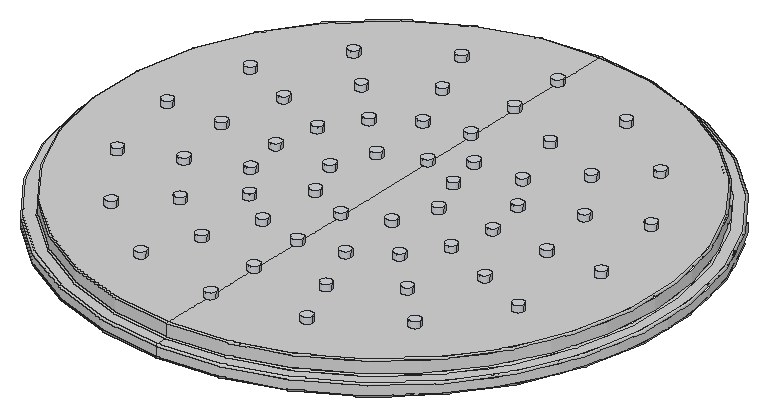
Revit family "Plumbing_Fixtures_Grohe_Rainshower_Cosmo_Head_Shower_28368000_14_METRIC", category Plumbing Fixtures, host Face, Revit 2014
Parameters (values of type "Rainshower 28368000")
  _distributed by = "www.bimstore.co.uk"
  _current revision = 2  # constant formula
  _created by = "bimstore"  # constant formula
  _authorized by = "Connor Laing"  # constant formula
  _BIMspec_GUID = 0
  Width = 313 mm  # constant formula
  Waste Connection = no
  WarrantyStartDate [instance] = ""
  WarrantyGuarantorParts = ""
  WarrantyGuarantorLabor = ""
  WarrantyDurationUnit = "Years"  # constant formula
  WarrantyDurationParts = ""
  WarrantyDurationLabor = ""
  WarrantyDuration = ""
  WarrantyDescription = ""
  Warranty Infomation = "N/A"
  WFU = 0
  Vent Connection = no
  URL = "www.grohe.com"
  TypeName = Type Comments  # "Shower system with thermostat for wall mounting consisting of: horizontal swivable 450 mm shower arm, exposed thermostat with Aquadimmer function, allows change between head shower, Rainshower modern (28 368) with ball, joint, turning angle 20° ± 20° and hand, shower Sena (28 034), adjustable in, height with gliding element (12 140), diverter: bath/shower, metal shower hose 1750 mm"
  Type Comments = "Shower system with thermostat for wall mounting consisting of: horizontal swivable 450 mm shower arm, exposed thermostat with Aquadimmer function, allows change between head shower, Rainshower modern (28 368) with ball, joint, turning angle 20° ± 20° and hand, shower Sena (28 034), adjustable in, height with gliding element (12 140), diverter: bath/shower, metal shower hose 1750 mm"  # constant formula
  Test Pressure = "16 bar"
  Temp - Hot Water Supply (Recommended) = "60°C"
  Temp - Hot Water Supply = "max 80°C"
  TagNumber = ""
  SpareParts = ""
  Spare Parts List = "http://projects.grohe.com/m/25_79191/page/modules/pn/popup.php?type=spare&product=17360188&color_code=001"
  Size = ""
  Shape = ""
  SerialNumber [instance] = ""
  Safety Stop = "38°C"
  ReplacementCost = ""
  ReferencedStandard = ""
  ProductionYear = "2015"  # constant formula
  Product Page URL = "http://projects.grohe.com/p/25_79191.html#!i79191_75175,p(p27032G212,m27032001),d(s1)"
  Product Documentation Link = "http://www.grohe.com/na/10218/shower/head-side-showers/rainshower-head-showers/product-details/?product=28368-G372&color=000&material=28368000"
  Percentage of Recycled Content = 0
  Operating Pressure = "max 10 bar"
  Name = Model  # "Rainshower 27 032 001"
  NBSReference = "45-35-70/333"  # constant formula
  NBSObjectName = "Shower heads"  # constant formula
  NBSNote = ""
  NBSDescription = "Shower heads"  # constant formula
  ModelNumber = "28368000"  # constant formula
  Model = "Rainshower 27 032 001"  # constant formula
  Mixing Leaver = yes
  Material = "Chrome"  # constant formula
  Masterformat Title [instance] = "Residential Faucets, Supplies, and Trim"  # constant formula
  Masterformat Number [instance] = "22 41 39"  # constant formula
  Manufacturer = "Grohe AG"  # constant formula
  Low Emitting Material = no
  Length = 588 mm  # constant formula
  LEED Credit = ""
  Keynote = "N13"
  InstallationDate [instance] = ""
  Industry Standards = "N/A"
  Hot Water Radius = Hot Water Connection Diameter / 2  # 5 mm
  Hot Water Connection Diameter = 10 mm
  Height = 1060 mm  # constant formula
  HWFU = Hot Water Connection Diameter / 2 mm  # 5
  HW Connection = yes
  Grade = ""
  Flow Rate - Head Shower = "14.5 L/min"
  Flow Rate - Hand Shower = "12 L/min"
  Flow Pressure Diagram = "http://projects.grohe.com/lib/0/catalogue_p1/pq/en/D27032.gif"
  Flow Pressure = "min 0.5 bar/recommended 1 - 5 bar"
  Finish = "Chrome"  # constant formula
  Features = ""
  Extidentifier = ""
  ExpectedLife = 0
  Ecojoy = yes
  DurationUnit = "Years"  # constant formula
  DocumentationTechnical = "http://cdn08.grohe.com/lib/1/tpi/1753438.pdf"
  DocumentationMaintenance = "http://cdn08.grohe.com/lib/1/tpi/1769293.pdf"
  DocumentationLiterature = "http://cdn08.grohe.com/lib/1/tpi/1948997.pdf"
  DocumentationInstallationGuide = "http://www.grohe.com/na/10218/shower/head-side-showers/rainshower-head-showers/product-details/?product=28368-G372&color=000&material=28368000"
  DocumentationCertificates = "http://www.grohe.com/na/10218/shower/head-side-showers/rainshower-head-showers/product-details/?product=28368-G372&color=000&material=28368000"
  Description = "For maximum showering comfort and enjoyment choose a GROHE Rainshower® system. Our wide choice of feature-packed designs ensures theres a system to suit all personal showering habits, style preferences and installation scenarios. All models feature GROHE DreamSpray®  for perfect water distribution to every nozzle, while GROHE CoolTouch® technology ensures the outer surface is never too hot to touch.  Combining a Rainshower® head shower and a Sena hand shower, the luxurious systems are easy to install and feature the functionality of either a thermostat or a diverter. For the ultimate experience, Rainshower® systems with adjustable body jets deliver tailor-made showering for all family members whatever their height is."  # constant formula
  Default Elevation = 600 mm
  CreatedOn = "July 13 - Revised Aug 2015"  # constant formula
  CreatedBy = "info-uk@grohe.com"  # constant formula
  Cost = 0
  Contact Grohe = "GROHE Limited, World Business Centre 2, Newall Road, London Heathrow Airport, Hounslow, Middlesex, TW6 2SF - Tel: +44 (0) 871 200 3414 - Fax: +44 (0) 871 200 3415 - EMail: info-uk@grohe.com"  # constant formula
  Constituents = ""
  Color = "Chrome"  # constant formula
  Cold Water Radius = Cold Water Connection Diameter / 2  # 5 mm
  Cold Water Connection Diameter = 10 mm
  CodePerformance = ""
  ClassificationValue = "Pr_40_20_87_76"  # constant formula
  ClassificationName = "Uniclass2015"  # constant formula
  CWFU = Cold Water Connection Diameter / 2 mm  # 5
  CW Connection = yes
  BarCode [instance] = ""
  AssetType = "Fixed"  # constant formula
  AssetIdentifier = ""
  Assembly Code = "C1030220"
  AccessibilityPerformance = ""
  ADA Compliant = no
Reference planes
  plane 1 "Center (Front/Back)": y = 0
  plane 2: z = 0
  plane 3 "Center (Left/Right)": x = 0
  plane 4: z = 0
Forms (mm)
  Extrusion 1, solid, material "Grohe-Chrome", detail levels fine
    sketch origin (0, 0, 0) x (1, 0, 0) y (0, 1, 0)
      loop
        circle (-95.5, 0) r 4.1
      loop
        circle (-67.529, 67.529) r 4.1
      loop
        circle (0, 95.5) r 4.1
      loop
        circle (67.529, 67.529) r 4.1
      loop
        circle (95.5, 0) r 4.1
      loop
        circle (67.529, -67.529) r 4.1
      loop
        circle (0, -95.5) r 4.1
      loop
        circle (-67.529, -67.529) r 4.1
      loop
        line (0.5, 95) -> (2.2, 95) -> (2.2, 96) -> (0.5, 96) -> (0.5, 97.7) -> (-0.5, 97.7) -> (-0.5, 96) -> (-2.2, 96) -> (-2.2, 95) -> (-0.5, 95) -> (-0.5, 93.3) -> (0.5, 93.3) -> (0.5, 95)
      loop
        line (68.236, 67.529) -> (69.438, 68.731) -> (68.731, 69.438) -> (67.529, 68.236) -> (66.327, 69.438) -> (65.62, 68.731) -> (66.822, 67.529) -> (65.62, 66.327) -> (66.327, 65.62) -> (67.529, 66.822) -> (68.731, 65.62) -> (69.438, 66.327) -> (68.236, 67.529)
      loop
        line (97.7, -0.5) -> (97.7, 0.5) -> (96, 0.5) -> (96, 2.2) -> (95, 2.2) -> (95, 0.5) -> (93.3, 0.5) -> (93.3, -0.5) -> (95, -0.5) -> (95, -2.2) -> (96, -2.2) -> (96, -0.5) -> (97.7, -0.5)
      loop
        line (68.236, -67.529) -> (69.438, -66.327) -> (68.731, -65.62) -> (67.529, -66.822) -> (66.327, -65.62) -> (65.62, -66.327) -> (66.822, -67.529) -> (65.62, -68.731) -> (66.327, -69.438) -> (67.529, -68.236) -> (68.731, -69.438) -> (69.438, -68.731) -> (68.236, -67.529)
      loop
        line (0.5, -93.3) -> (-0.5, -93.3) -> (-0.5, -95) -> (-2.2, -95) -> (-2.2, -96) -> (-0.5, -96) -> (-0.5, -97.7) -> (0.5, -97.7) -> (0.5, -96) -> (2.2, -96) -> (2.2, -95) -> (0.5, -95) -> (0.5, -93.3)
      loop
        line (-67.529, -66.822) -> (-68.731, -65.62) -> (-69.438, -66.327) -> (-68.236, -67.529) -> (-69.438, -68.731) -> (-68.731, -69.438) -> (-67.529, -68.236) -> (-66.327, -69.438) -> (-65.62, -68.731) -> (-66.822, -67.529) -> (-65.62, -66.327) -> (-66.327, -65.62) -> (-67.529, -66.822)
      loop
        line (-95, 2.2) -> (-96, 2.2) -> (-96, 0.5) -> (-97.7, 0.5) -> (-97.7, -0.5) -> (-96, -0.5) -> (-96, -2.2) -> (-95, -2.2) -> (-95, -0.5) -> (-93.3, -0.5) -> (-93.3, 0.5) -> (-95, 0.5) -> (-95, 2.2)
      loop
        line (-68.236, 67.529) -> (-69.438, 66.327) -> (-68.731, 65.62) -> (-67.529, 66.822) -> (-66.327, 65.62) -> (-65.62, 66.327) -> (-66.822, 67.529) -> (-65.62, 68.731) -> (-66.327, 69.438) -> (-67.529, 68.236) -> (-68.731, 69.438) -> (-69.438, 68.731) -> (-68.236, 67.529)
    from 26.665 to 29.283
  Extrusion 2, solid
    sketch origin (0, 0, 0) x (1, 0, 0) y (0, 1, 0)
      loop
        circle (-20, 0) r 2
      loop
        circle (-40, 0) r 2
      loop
        circle (-60, 0) r 2
      loop
        circle (-80, 0) r 2
      loop
        circle (-14.142, 14.142) r 2
      loop
        circle (-28.284, 28.284) r 2
      loop
        circle (-42.426, 42.426) r 2
      loop
        circle (-56.569, 56.569) r 2
      loop
        circle (0, 80) r 2
      loop
        circle (0, 60) r 2
      loop
        circle (0, 40) r 2
      loop
        circle (0, 20) r 2
      loop
        circle (14.142, 14.142) r 2
      loop
        circle (28.284, 28.284) r 2
      loop
        circle (42.426, 42.426) r 2
      loop
        circle (56.569, 56.569) r 2
      loop
        circle (20, 0) r 2
      loop
        circle (40, 0) r 2
      loop
        circle (14.142, -14.142) r 2
      loop
        circle (0, -20) r 2
      loop
        circle (-14.142, -14.142) r 2
      loop
        circle (-27.65, -27.65) r 2
      loop
        circle (0, -40) r 2
      loop
        circle (28.284, -28.284) r 2
      loop
        circle (0, -60) r 2
      loop
        circle (0, -80) r 2
      loop
        circle (-55.934, -55.934) r 2
      loop
        circle (-41.792, -41.792) r 2
      loop
        circle (42.426, -42.426) r 2
      loop
        circle (56.551, -56.551) r 2
      loop
        circle (60, 0) r 2
      loop
        circle (80, 0) r 2
      loop
        circle (-73.91, 30.615) r 2
      loop
        circle (-55.433, 22.961) r 2
      loop
        circle (-36.955, 15.307) r 2
      loop
        circle (36.955, -15.307) r 2
      loop
        circle (55.433, -22.961) r 2
      loop
        circle (73.91, -30.615) r 2
      loop
        circle (11.302, 27.286) r 2
      loop
        circle (20.869, 50.383) r 2
      loop
        circle (30.436, 73.48) r 2
      loop
        circle (-22.961, 55.433) r 2
      loop
        circle (-15.307, 36.955) r 2
      loop
        circle (-30.615, 73.91) r 2
      loop
        circle (36.955, 15.307) r 2
      loop
        circle (55.433, 22.961) r 2
      loop
        circle (73.91, 30.615) r 2
      loop
        circle (30.615, -73.91) r 2
      loop
        circle (22.961, -55.433) r 2
      loop
        circle (15.307, -36.955) r 2
      loop
        circle (-15.307, -36.955) r 2
      loop
        circle (-22.961, -55.433) r 2
      loop
        circle (-30.615, -73.91) r 2
      loop
        circle (-73.91, -30.615) r 2
      loop
        circle (-55.433, -22.961) r 2
      loop
        circle (-36.955, -15.307) r 2
    from 36.547 to 38.547
  Revolve 3, solid, material "Grohe-Chrome", detail levels fine
    sketch origin (0, 0, 0) x (0, 1, 0) y (0, 0, 1)
      loop
        line (0, 36.547) -> (0, 0) -> (11.989, 0) -> (11.989, 5.816)
        arc (11.989, 5.816) -> (11.937, 6.344) -> (11.784, 6.852) r 2.718
        arc (11.784, 6.852) -> (11.555, 7.971) -> (11.757, 9.096) r 3.034
        arc (11.757, 9.096) -> (12.04, 9.455) -> (12.477, 9.591) r 0.772
        line (12.477, 9.591) -> (15.399, 9.591)
        arc (15.399, 9.591) -> (15.818, 9.764) -> (15.992, 10.183) r 0.593
        line (15.992, 10.183) -> (15.992, 11.589)
        arc (15.992, 11.589) -> (16.141, 11.95) -> (16.502, 12.1) r 0.511
        line (16.502, 12.1) -> (17.733, 12.1)
        arc (17.733, 12.1) -> (18.64, 12.483) -> (19, 13.4) r 1.267
        arc (19, 13.4) -> (19.587, 13.617) -> (19.868, 14.177) r 0.851
        line (19.868, 14.177) -> (20.642, 23.027)
        arc (20.642, 23.027) -> (22.025, 25.83) -> (24.938, 26.963) r 4.312
        line (24.938, 26.963) -> (104.379, 26.963)
        arc (104.379, 26.963) -> (104.791, 27.133) -> (104.961, 27.545) r 0.582
        line (104.961, 27.545) -> (104.961, 30.755)
        arc (104.961, 30.755) -> (104.772, 31.211) -> (104.316, 31.4) r 0.645
        line (104.316, 31.4) -> (100.513, 31.4)
        arc (100.513, 31.4) -> (100.15, 31.55) -> (100, 31.913) r 0.513
        line (100, 31.913) -> (100, 36.035)
        arc (100, 36.035) -> (99.85, 36.397) -> (99.488, 36.547) r 0.512
        line (99.488, 36.547) -> (0, 36.547)
      axis (0, 36.547) -> (0, 0)
    angle from 0 to 360
Cuts and joins
  joined: Extrusion 1, Revolve 3
Dimensions and locks
  aligned and locked: plane 2 to host face
  aligned and locked: level to host face
